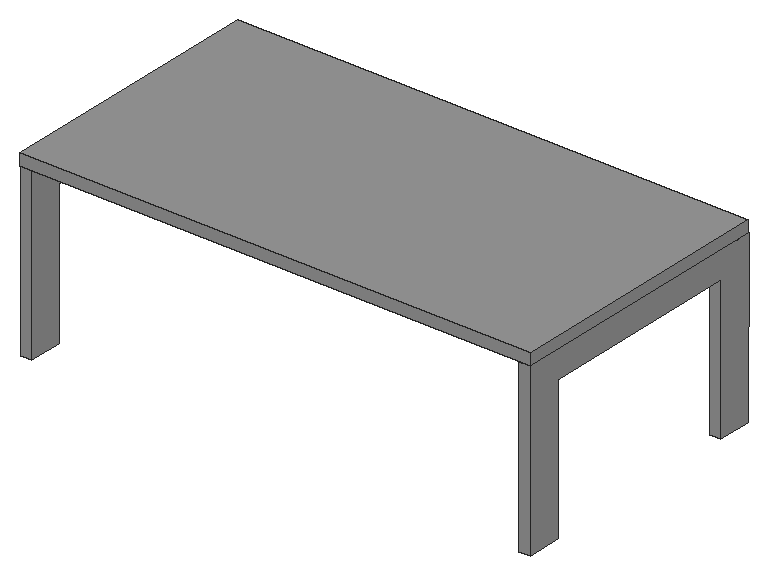
Revit family "MBS_table", category Generic Models, Revit 2014
Parameters (values of type "table")
  thickness = 50 mm
  table material [instance] = Laminate, Ivory, Matte TABLE SUPPORT MBS
  support material = Laminate, Ivory, Matte TABLE SUPPORT MBS
  c_table widht = 2250 mm
  c_table height = 750 mm
  c_table depht = 1200 mm
  c_support widht = 150 mm
  c_side widht = 1200 mm
  c_side height = 630 mm
Types (4, lengths in mm): name | table material | c_table widht | c_table height | c_table depht | c_support widht | c_side widht | c_side height
  (no name) | Laminate, Ivory, Matte TABLE SUPPORT MBS | 2250 | 750 | 1200 | 150 | 1200 | 630
  table | Laminate, Ivory, Matte TABLE SUPPORT MBS | 2250 | 750 | 1200 | 150 | 1200 | 630
  stool | Fabric STOOL TABLE MBS | 450 | 600 | 350 | 50 | 350 | 500
  desk | Polyurethane Foam DESK MBS | 1500 | 750 | 750 | 100 | 750 | 650
Reference planes
  plane 1 "Center (Front/Back)": y = 0
  plane 2: z = 0
  plane 3 "Center (Left/Right)": x = 0
  plane 4: x = -1200
  plane 5: z = 630
  plane 6: y = -220
  plane 7: y = -1420
  plane 8: y = -370
  plane 9: y = -1270
  plane 10: z = 750
  plane 11: z = 630
  plane 12: y = -220
  plane 13: y = -1270
  plane 14: y = -370
  plane 15: y = -1420
  plane 16: y = -220
  plane 17: y = -1420
  plane 18: x = -1250
  plane 19: x = 1000
  plane 20: z = 750
Forms (mm)
  Extrusion 1, solid, material "Laminate, Ivory, Matte TABLE SUPPORT MBS" <- "support material"
    sketch origin (-1200, -1524, 740) x (0, 0, -1) y (0, -1, 0)
      loop
        line (740, -1304) -> (740, -1154) -> (110, -1154) -> (110, -254) -> (740, -254) -> (740, -104) -> (-10, -104) -> (-10, -1304) -> (740, -1304)
    from 0 to 50
  Extrusion 2, solid, material "Laminate, Ivory, Matte TABLE SUPPORT MBS" <- "support material"
    sketch origin (-50, 334, 740) x (0, 0, -1) y (0, 1, 0)
      loop
        line (740, -1754) -> (740, -1604) -> (110, -1604) -> (110, -704) -> (740, -704) -> (740, -554) -> (-10, -554) -> (-10, -1754) -> (740, -1754)
    from 1000 to 1050
  Extrusion 3, solid, material "Laminate, Ivory, Matte TABLE SUPPORT MBS" <- "table material"
    sketch origin (-2013.384, 1380.079, 1410) x (-1, 0, 0) y (0, -1, 0)
      loop
        line (-763.384, 2800.079) -> (-3013.384, 2800.079) -> (-3013.384, 1600.079) -> (-763.384, 1600.079) -> (-763.384, 2800.079)
    from -660 to -610
Dimensions and locks
  "c_side height": plane 5 to level
  "c_side widht": plane 6 to plane 7
  "c_support widht": plane 6 to plane 8
  "c_support widht": plane 9 to plane 7
  "thickness": Extrusion 1 to Extrusion 1
  "c_side widht": plane 15 to plane 12
  "c_support widht": plane 15 to plane 13
  "c_support widht": plane 14 to plane 12
  "thickness": Extrusion 2 to Extrusion 2
  "c_table depht": plane 17 to plane 16
  "c_table widht": plane 18 to plane 19
  "thickness": Extrusion 3 to Extrusion 3
  "c_side height": plane 11 to level
  "c_table height": plane 20 to level
  "c_table height": plane 10 to level
  aligned and locked: level to plane 2
  aligned and locked: plane 6 to Extrusion 1 sketch curve
  aligned and locked: plane 7 to Extrusion 1 sketch curve
  aligned and locked: Extrusion 1 sketch curve to plane 5
  aligned and locked: plane 8 to Extrusion 1 sketch curve
  aligned and locked: Extrusion 1 sketch curve to plane 9
  aligned and locked: plane 10 to Extrusion 2 sketch curve
  aligned and locked: plane 11 to Extrusion 2 sketch curve
  aligned and locked: plane 12 to Extrusion 2 sketch curve
  aligned and locked: Extrusion 2 sketch curve to plane 13
  aligned and locked: plane 14 to Extrusion 2 sketch curve
  aligned and locked: plane 15 to Extrusion 2 sketch curve
  aligned and locked: Extrusion 3 sketch curve to plane 16
  aligned and locked: Extrusion 3 sketch curve to plane 17
  aligned and locked: Extrusion 3 sketch curve to plane 18
  aligned and locked: plane 19 to Extrusion 3 sketch curve
  aligned and locked: Extrusion 2 to Extrusion 3  (x2)
  aligned and locked: Extrusion 1 sketch curve to plane 20
Automatic sketch dimensions
  Extrusion 1 sketch curve to level = 0 mm  (x2)
  Extrusion 2 sketch curve to level = 0 mm  (x2)
